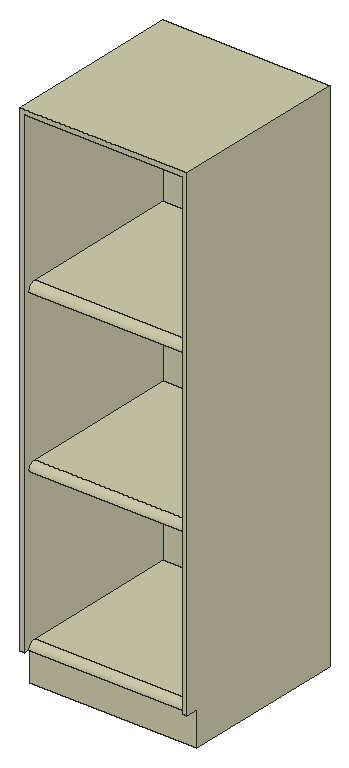
Revit family "Wenger Cabinet 10", category Furniture, Revit 2011
Parameters (values of type "Standard Cabinet #10")
  URL = "http://www.wengercorp.com/Home/Contact.html"
  Toekick Material [instance] = none
  RH End Panel [instance] = no
  Model = "10"
  Manufacturer = "Wenger Corporation"
  LH End Panel [instance] = no
  End Panel Material [instance] = none
  Edge Banding Material [instance] = none
  Door Material [instance] = none
  Description = "Standard Cabinet #10"
  Cabinet Width = 2' - 3 1/2"
  Cabinet Label = Labels : Standard
  Cabinet Height = 7' - 1 5/8"
  Cabinet Depth = 2' - 5 1/4"
  Cabinet Back Thickness = 0' - 0 3/4"
  Assembly Code = ""
Types (4): name | Model | Description | Cabinet Width | Cabinet Label | Cabinet Depth | Cabinet Back Thickness
  Standard Cabinet #10 | "10" | "Standard Cabinet #10" | 2' - 3 1/2" | Labels : Standard | 2' - 5 1/4" | 0' - 0 3/4"
  Acoustic Cabinet #10 | "10A" | "Acoustic Cabinet #10" | 2' - 3 1/2" | Labels : Acoustic | 2' - 7 3/4" | 0' - 3 1/4"
  Narrow Acoustic Cabinet #10 | "10NA" | "Narrow Acoustic Cabinet #10" | 1' - 9 1/2" | Labels : Narrow Acoustic | 2' - 7 3/4" | 0' - 3 1/4"
  Narrow Cabinet #10 | "10N" | "Narrow Cabinet #10" | 1' - 9 1/2" | Labels : Narrow | 2' - 5 1/4" | 0' - 0 3/4"
Reference planes (in)
  plane 1 "Front": y = 0
  plane 2: z = 0
  plane 3 "Left": x = 0
  plane 4 "Right": x = 27.5
  plane 5 "Back": y = 29.25
  plane 6 "Top": z = 85.625
  plane 7: z = 5.625
  plane 8: z = 32.04167
  plane 9: z = 58.45833
  plane 10: x = 0.75
  plane 11: x = 26.75
  plane 12: z = 84.875
  plane 13: y = 28.5
  plane 14: y = 2
  plane 15: y = 0.75
  plane 16: z = 33.16667
  plane 17: z = 59.58333
  plane 18: z = 6.75
Forms (in)
  Extrusion 1, solid, material "Wenger - Oyster"
    sketch origin (0, 0, 0) x (0, 1, 0) y (0, 0, 1)
      loop
        line (0, 85.625) -> (0, 5.625) -> (2, 5.625) -> (2, 0) -> (29.25, 0) -> (29.25, 85.625) -> (0, 85.625)
    from 0 to 27.5
  Extrusion 2, void
    sketch origin (0, 0, 0) x (0, 1, 0) y (0, 0, 1)
      loop
        line (-5.5, 84.875) -> (-5.5, 5.625) -> (0.75, 5.625)
        arc (0.75, 5.625) -> (1.18296, 6.40088) -> (2, 6.75) r 1.375
        line (2, 6.75) -> (28.5, 6.75) -> (28.5, 32.04167) -> (0.75, 32.04167)
        arc (0.75, 32.04167) -> (1.18296, 32.81754) -> (2, 33.16667) r 1.375
        line (2, 33.16667) -> (28.5, 33.16667) -> (28.5, 58.45833) -> (0.75, 58.45833)
        arc (0.75, 58.45833) -> (1.18296, 59.23421) -> (2, 59.58333) r 1.375
        line (2, 59.58333) -> (28.5, 59.58333) -> (28.5, 84.875) -> (-5.5, 84.875)
    from 0.75 to 26.75
Cuts and joins
  Extrusion 2 cuts Extrusion 1
Lines and regions (in)
  symbolic lines
    curve 1: line (0, 29.25, 0) -> (27.5, 29.25, 0)
    curve 2: line (0, 0, 0) -> (0, 29.25, 0)
    curve 3: line (27.5, 0, 0) -> (0, 0, 0)
    curve 4: line (27.5, 29.25, 0) -> (27.5, 0, 0)
Dimensions and locks (in)
  locked: plane 3 "Left" to plane 10 at 0.75
  locked: plane 11 to plane 4 "Right" at 0.75
  "Cabinet Back Thickness": plane 5 "Back" to plane 13
  locked: plane 1 "Front" to plane 15 at 0.75
  locked: plane 1 "Front" to plane 14 at 2
  locked: plane 16 to plane 8 at 1.125
  locked: plane 17 to plane 9 at 1.125
  locked: plane 6 "Top" to plane 12 at 0.75
  equal spacing: plane 12, plane 9, plane 8, plane 7
  locked: plane 18 to plane 7 at 1.125
  plane 11 to plane 3 "Left" = 2' - 2 3/4"
  "Cabinet Width": plane 3 "Left" to plane 4 "Right"
  locked: plane 7 to level at 5.625
  "Cabinet Height": plane 6 "Top" to level
  "Cabinet Depth": plane 1 "Front" to plane 5 "Back"
  plane 10 to plane 11 = 2' - 2"
  plane 12 to plane 7 = 6' - 7 1/4"
  aligned and locked: Extrusion 1 sketch curve to plane 6 "Top"
  aligned and locked: Extrusion 1 sketch curve to plane 5 "Back"
  aligned and locked: Extrusion 1 sketch curve to plane 1 "Front"
  aligned and locked: Extrusion 1 sketch curve to plane 7
  aligned and locked: Extrusion 1 sketch curve to plane 14
  aligned and locked: Extrusion 1 sketch curve to level
  aligned and locked: Extrusion 1 to plane 4 "Right"
  aligned and locked: Extrusion 1 to plane 3 "Left"
  aligned and locked: Extrusion 2 sketch curve to plane 12
  aligned and locked: Extrusion 2 sketch curve to plane 17
  aligned and locked: Extrusion 2 sketch curve to plane 9
  aligned and locked: Extrusion 2 sketch curve to plane 16
  aligned and locked: Extrusion 2 sketch curve to plane 8
  aligned and locked: Extrusion 2 sketch curve to plane 18
  aligned and locked: Extrusion 2 to plane 10
  aligned and locked: plane 3 "Left" to curve 2
  aligned and locked: curve 1 to plane 5 "Back"
  aligned and locked: plane 4 "Right" to curve 4
  aligned and locked: curve 3 to plane 1 "Front"
  aligned and locked: Extrusion 2 to plane 11
Automatic sketch dimensions
  Extrusion 2 sketch curve to plane 7 = 0' - 0"
  Extrusion 2 sketch curve to plane 15 = 0' - 0"  (x3)
  Extrusion 2 sketch curve to plane 14 = 0' - 0"  (x3)
  Extrusion 2 sketch curve to plane 13 = 0' - 0"  (x3)
  plane 1 "Front" to Extrusion 2 sketch curve = 0' - 5 1/2"
  Extrusion 2 sketch curve to plane 14 = 0' - 0.10279"  (x3)
Nested families (in)
  nested 1: "LH End Panel" at (0, 14.25, 0) x (0, -1, 0) z (0, 0, 1), End Panel Material <- "End Panel Material", visible <- "LH End Panel", Edge Banding Material <- "Edge Banding Material", type "20x84 LH"
    with End Panel Material none, Edge Banding Material none, End Panel Depth 2' - 5 1/4"
  nested 2: "RH End Panel" at (28.25, 14.25, 0) x (0, -1, 0) z (0, 0, 1), End Panel Material <- "End Panel Material", visible <- "RH End Panel", Edge Banding Material <- "Edge Banding Material", type "20x84 RH"
    with End Panel Material none, Edge Banding Material none, End Panel Depth 2' - 5 1/4"
  nested 3: "Labels" at (10.63286, 15.4019, 0), type <- "Cabinet Label", type "Standard"
  nested 4: "Front Note" at (11.49848, 0.75, 0), type "Front Note", detail levels medium+fine
Definition of nested family "LH End Panel"
  Parameters (values of type "20x84 LH")
    End Panel Material [instance] = none
    End Panel Height = 7' - 1 5/8"
    End Panel Depth = 1' - 7 1/4"
    Edge Banding Material [instance] = none
    Default Elevation = 4' - 0"
    Assembly Code = ""
  Reference planes (in)
    plane 1 "Center (Front/Back)": y = 0
    plane 2: z = 0
    plane 3 "Center (Left/Right)": x = 0
    plane 4: x = -15
    plane 5: x = 4.25
    plane 6: z = 5.625
    plane 7: x = 2.25
    plane 8: z = 85.625
    plane 9: y = -0.75
  Forms (in)
    Extrusion 1, solid, material <- "End Panel Material"
      sketch origin (0, 0, 0) x (1, 0, 0) y (0, 0, 1)
        loop
          line (-15, 85.625) -> (-15, 0) -> (2.25, 0) -> (2.25, 5.625) -> (4.25, 5.625) -> (4.25, 85.625) -> (-15, 85.625)
      from 0 to 0.75
  Dimensions and locks (in)
    locked: plane 7 to plane 5 at 2
    locked: plane 6 to level at 5.625
    "End Panel Height": plane 8 to level
    "End Panel Depth": plane 5 to plane 4
    locked: plane 9 to plane 1 "Center (Front/Back)" at 0.75
    aligned and locked: plane 4 to Extrusion 1 sketch curve
    aligned and locked: level to Extrusion 1 sketch curve
    aligned and locked: plane 7 to Extrusion 1 sketch curve
    aligned and locked: plane 6 to Extrusion 1 sketch curve
    aligned and locked: Extrusion 1 sketch curve to plane 5
    aligned and locked: Extrusion 1 sketch curve to plane 8
    aligned and locked: Extrusion 1 to plane 9
    aligned and locked: Extrusion 1 to plane 1 "Center (Front/Back)"
Definition of nested family "RH End Panel"
  Parameters (values of type "20x84 RH")
    End Panel Material [instance] = none
    End Panel Height = 7' - 1 5/8"
    End Panel Depth = 1' - 7 1/4"
    Edge Banding Material [instance] = none
    Default Elevation = 4' - 0"
    Assembly Code = ""
  Reference planes (in)
    plane 1 "Center (Front/Back)": y = 0
    plane 2: z = 0
    plane 3 "Center (Left/Right)": x = 0
    plane 4: x = -15
    plane 5: x = 4.25
    plane 6: z = 5.625
    plane 7: x = 2.25
    plane 8: z = 85.625
    plane 9: y = -0.75
  Forms (in)
    Extrusion 1, solid, material <- "End Panel Material"
      sketch origin (0, 0, 0) x (1, 0, 0) y (0, 0, 1)
        loop
          line (-15, 85.625) -> (-15, 0) -> (2.25, 0) -> (2.25, 5.625) -> (4.25, 5.625) -> (4.25, 85.625) -> (-15, 85.625)
      from 0 to 0.75
  Dimensions and locks (in)
    locked: plane 7 to plane 5 at 2
    locked: plane 6 to level at 5.625
    "End Panel Height": plane 8 to level
    "End Panel Depth": plane 5 to plane 4
    locked: plane 9 to plane 1 "Center (Front/Back)" at 0.75
    aligned and locked: plane 4 to Extrusion 1 sketch curve
    aligned and locked: level to Extrusion 1 sketch curve
    aligned and locked: plane 7 to Extrusion 1 sketch curve
    aligned and locked: plane 6 to Extrusion 1 sketch curve
    aligned and locked: Extrusion 1 sketch curve to plane 5
    aligned and locked: Extrusion 1 sketch curve to plane 8
    aligned and locked: Extrusion 1 to plane 9
    aligned and locked: Extrusion 1 to plane 1 "Center (Front/Back)"
Definition of nested family "Labels"
  Parameters (values of type "Standard")
    Cabinet Label = "01"
  Types (4): name | Cabinet Label
    Standard | "01"
    Narrow | "01N"
    Narrow Acoustic | "01NA"
    Acoustic | "01A"
  Reference planes (in)
    plane 1: y = 0
    plane 2: x = 0
  Text (in)
    label "xxxx" at (-0.00018, 0.00754, 0), shows "Cabinet Label"
Definition of nested family "Front Note"
  Parameters (values of type "Front Note")
    Cabinet Label = "Front"
  Reference planes (in)
    plane 1: y = 0
    plane 2: x = 0
  Text (in)
    label "Front" at (-0.00018, 0.00754, 0), shows "Cabinet Label"
